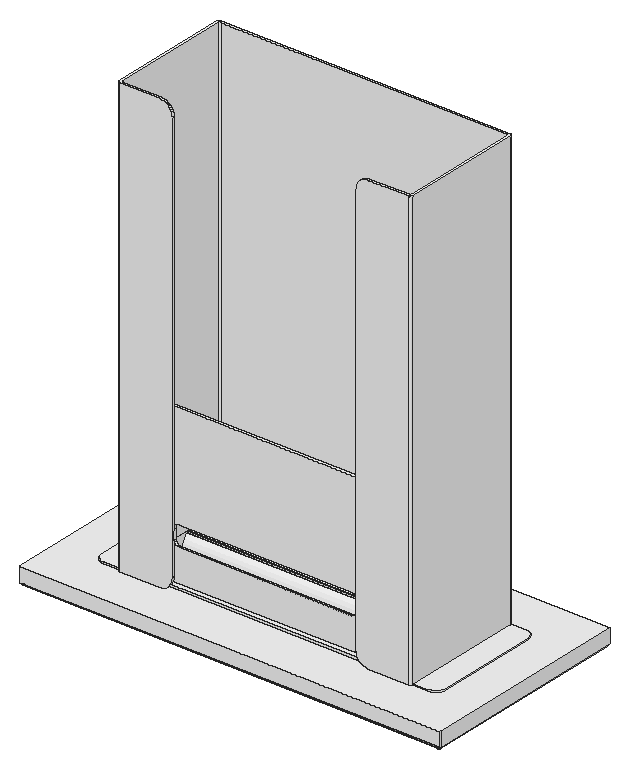
Revit family "NBS_DudleyIndustriesLimited_PprTwlDpnsrs_ModuloPaperTowelDispenser", category Generic Models, Revit 2017
Family settings
  Can host rebar = No
  Round Connector Dimension = Use Diameter
  Part Type = Normal
  Work Plane-Based = No
  Always vertical = Yes
  Cut with Voids When Loaded = No
  Shared = No
  Room Calculation Point = No
Parameters (values of type "ModuloPaperTowelDispenser")
  WarrantyStartDate [instance] = "1900-12-31T23:59:59"
  WarrantyGuarantorParts = "n/a"
  WarrantyGuarantorLabor = "n/a"
  WarrantyDurationUnit = "year"
  WarrantyDurationParts = "n/a"
  WarrantyDurationLabor = "n/a"
  WarrantyDescription = "10 years"
  Version = "1"  # constant formula
  Uniclass2015Version = "Products v1.12"
  Uniclass2015Title = "Paper towel dispensers"
  Uniclass2015Code = "Pr_40_70_22_62"
  TowelsWidth = "250mm Max"
  TowelsTowelType = "Z Fold"
  TagNumber [instance] = "n/a"
  SustainabilityPerformance = "n/a"
  Style = "Paper towel dispenser"
  Status = "New"
  Size = "388 x 320 x 193 mm"
  Shape = "n/a"
  SerialNumber [instance] = "n/a"
  SensorRange = "n/a"
  Revision = "n/a"
  ReplacementCost = "n/a"
  Reference = "n/a"
  ProductInformation = "n/a"
  PaperSleeveMaterial = NBS_Concept
  Operation = "Manual"
  NominalWidth = 0 mm  # constant formula
  NominalLength = 388 mm
  NominalHeight = 320 mm
  NominalDepth = 193 mm
  Name = "PaperTowelDispensers_ModuloPaperTowelDispenser_DudleyIndustriesLimited"
  NBSReference = "45-35-72/344"
  NBSDescription = "Paper towel dispensers"
  NBSCertification = "www.nationalbimlibrary.com/cert/j30njvog"
  ModelReference = "Modulo Paper Towel Dispenser"
  ModelNumber = "92378BK"
  MaterialsFinishAndColour = "Black"
  MaterialsBody = "Zinc coated mild steel"
  Material = "Stainless steel"
  ManufacturerURL = "https://www.dudleyindustries.com/"
  ManufacturerName = "Dudley Industries Limited"  # constant formula
  Manufacturer = "tina.bowden@dudleyindustries.com"
  MainColor = "n/a"
  Length = 383 mm  # constant formula
  IsBuiltIn = yes
  IntegralAccessories = "n/a"
  InstallationDate [instance] = "1900-12-31T23:59:59"
  IfcExportType = "NOTDEFINED"  # constant formula
  IfcExportAs = "IfcFurnitureType"  # constant formula
  HasBlankPlate = no
  Grade = "Zinc coated mild steel"
  Form = "Fits the modulo behind the mirror system"
  Finish = "Matte black powder coated"
  Features = "Fits the modulo behind the mirror system, provides a hygienic solution as user only touches the paper towel dispensed  no need to touch the unit helping to reduce cleaning requirements, consumables not accessible and kept free from contamination by lockable cabinet cover, quick and easy to refill, suitable for most multi-fold paper towels, spare consumables can be conveniently stored on the shelf within the cabinet, utilises a full modular cabinet space, blanking plates available separately if required"
  ExpectedLife = "10"
  DurationUnit = "year"
  Description = "Autocut Paper Towel Dispenser provides a hygienic hand drying solution"
  Depth = 193 mm  # constant formula
  Constituents = "n/a"
  Color = "Black"
  CodePerformance = "n/a"
  Category = "Pr_40_70_22_62:Paper towel dispensers"
  BlankPlate = NBS_Concept
  BarCode [instance] = "n/a"
  BIMObjectName = "NBS_DudleyIndustriesLimited_PaperTowelDispensers_ModuloPaperTowelDispenser"
  Author = "NBS"  # constant formula
  AssetType = "Fixed"
  AssetIdentifier [instance] = "n/a"
  AccessibilityPerformance = "n/a"
Reference planes
  plane 1 "Center (Front/Back)": y = 0
  plane 2 "Bottom": z = 0
  plane 3 "Center (Left/Right)": x = 0
  plane 4 "Back": y = 96.5
  plane 5 "Front": y = -96.5
  plane 6 "Left": x = -191.5
  plane 7 "Right": x = 191.5
  plane 8: z = 17
  plane 9: z = 4
  plane 10: z = 2
  plane 11: x = -133.5
  plane 12: x = 133.5
  plane 13: y = 57.5
  plane 14: y = -57.5
  plane 15 "Top": z = 415
  plane 16: y = -55.5
  plane 17: y = -53.5
  plane 18: z = 18
  plane 19: y = 18.438
  plane 20: y = -18.437
  plane 21: x = -131.5
  plane 22: x = 131.5
  plane 23: y = 55.5
  plane 24: y = 53.5
  plane 25: y = 20
Forms (mm)
  Extrusion 1, solid, material "NBS_Concept" <- "PaperSleeveMaterial", detail levels medium+fine
    sketch origin (0, 0, 0) x (1, 0, 0) y (0, 1, 0)
      loop
        line (-190.527, 96.5) -> (-190.527, 95.508) -> (-191.5, 95.508) -> (-191.5, -95.508) -> (-190.527, -95.508) -> (-190.527, -96.5) -> (190.527, -96.5) -> (190.527, -95.508) -> (191.5, -95.508) -> (191.5, 95.508) -> (190.527, 95.508) -> (190.527, 96.5) -> (-190.527, 96.5)
    from 4 to 17
  Blend 2, solid, material "NBS_Concept" <- "PaperSleeveMaterial", detail levels medium+fine
    base sketch origin (0, 0, 0) x (1, 0, 0) y (0, 1, 0)
      loop
        line (189.539, 96.5) -> (-189.539, 96.5) -> (-189.539, 94.492) -> (-191.5, 94.492) -> (-191.5, -94.492) -> (-189.539, -94.492) -> (-189.539, -96.5) -> (189.539, -96.5) -> (189.539, -94.492) -> (191.5, -94.492) -> (191.5, 94.492) -> (189.539, 94.492) -> (189.539, 96.5)
    top sketch origin (0, 0, 0) x (1, 0, 0) y (0, 1, 0)
      loop
        line (-189.539, 94.492) -> (-189.539, -94.492) -> (189.539, -94.492) -> (189.539, 94.492) -> (-189.539, 94.492)
    from 4 to 2
  Extrusion 3, solid, material "NBS_Concept" <- "PaperSleeveMaterial", detail levels medium+fine
    sketch origin (0, 0, 0) x (1, 0, 0) y (0, 1, 0)
      loop
        arc (-131.513, 57.5) -> (-132.918, 56.918) -> (-133.5, 55.513) r 1.987
        line (-133.5, 55.513) -> (-133.5, -55.513)
        arc (-133.5, -55.513) -> (-132.918, -56.918) -> (-131.513, -57.5) r 1.987
        line (-131.513, -57.5) -> (-83.5, -57.5) -> (-83.5, -55.5) -> (-129.528, -55.455)
        arc (-129.528, -55.455) -> (-130.848, -54.953) -> (-131.5, -53.7) r 1.986
        line (-131.5, -53.7) -> (-131.5, 53.744)
        arc (-131.5, 53.744) -> (-130.848, 54.997) -> (-129.528, 55.5) r 1.986
        line (-129.528, 55.5) -> (129.514, 55.5)
        arc (129.514, 55.5) -> (130.918, 54.918) -> (131.5, 53.514) r 1.986
        line (131.5, 53.514) -> (131.5, -53.47)
        arc (131.5, -53.47) -> (130.918, -54.874) -> (129.528, -55.5) r 1.986
        line (129.528, -55.5) -> (83.5, -55.5) -> (83.5, -57.5) -> (131.513, -57.5)
        arc (131.513, -57.5) -> (132.918, -56.918) -> (133.5, -55.513) r 1.987
        line (133.5, -55.513) -> (133.5, 55.513)
        arc (133.5, 55.513) -> (132.918, 56.918) -> (131.513, 57.5) r 1.987
        line (131.513, 57.5) -> (-131.513, 57.5)
    from 17 to 415
  Extrusion 4, solid, material "NBS_Concept" <- "PaperSleeveMaterial", detail levels medium+fine
    sketch origin (0, 0, 0) x (1, 0, 0) y (0, 0, 1)
      loop
        line (-131.5, 168) -> (-131.5, 24.999) -> (131.5, 24.999) -> (131.5, 168) -> (-131.5, 168)
      loop
        line (78.509, 72.999) -> (-78.5, 72.999)
        arc (-78.5, 72.999) -> (-82.036, 71.535) -> (-83.5, 67.999) r 5
        line (-83.5, 67.999) -> (-83.5, 59)
        arc (-83.5, 59) -> (-82.035, 55.464) -> (-78.5, 53.999) r 5
        line (-78.5, 53.999) -> (78.503, 53.999)
        arc (78.503, 53.999) -> (82.04, 55.464) -> (83.505, 59.001) r 5.002
        line (83.505, 59.001) -> (83.505, 68.003)
        arc (83.505, 68.003) -> (82.042, 71.536) -> (78.509, 72.999) r 4.995
    from 53.5 to 55.545
  Extrusion 5, solid, material "NBS_Concept" <- "PaperSleeveMaterial", detail levels medium+fine
    sketch origin (0, 0, 0) x (1, 0, 0) y (0, 1, 0)
      loop
        line (133.5, 55.513) -> (133.5, -55.513) -> (147.5, -55.513)
        arc (147.5, -55.513) -> (153.864, -52.877) -> (156.5, -46.513) r 9
        line (156.5, -46.513) -> (156.5, 46.513)
        arc (156.5, 46.513) -> (153.864, 52.877) -> (147.5, 55.513) r 9
        line (147.5, 55.513) -> (133.5, 55.513)
    from 17 to 18
  Extrusion 6, solid, material "NBS_Concept" <- "PaperSleeveMaterial", detail levels medium+fine
    sketch origin (0, 0, 0) x (-1, 0, 0) y (0, -1, 0)
      loop
        line (133.5, -55.513) -> (147.5, -55.513)
        arc (147.5, -55.513) -> (153.864, -52.877) -> (156.5, -46.513) r 9
        line (156.5, -46.513) -> (156.5, 46.513)
        arc (156.5, 46.513) -> (153.864, 52.877) -> (147.5, 55.513) r 9
        line (147.5, 55.513) -> (133.5, 55.513) -> (133.5, -55.513)
    from 17 to 18
  Extrusion 7, void, detail levels medium+fine
    sketch origin (0, 0, 0) x (1, 0, 0) y (0, 0, 1)
      loop
        line (-83.5, 403) -> (-83.5, 29)
        arc (-83.5, 29) -> (-87.015, 20.515) -> (-95.5, 17) r 12
        line (-95.5, 17) -> (95.5, 17)
        arc (95.5, 17) -> (87.015, 20.515) -> (83.5, 29) r 12
        line (83.5, 29) -> (83.5, 403)
        arc (83.5, 403) -> (87.015, 411.485) -> (95.5, 415) r 12
        line (95.5, 415) -> (-95.5, 415)
        arc (-95.5, 415) -> (-87.015, 411.485) -> (-83.5, 403) r 12
    from 55.545 to 57.5
  Extrusion 8, void, detail levels medium+fine
    sketch origin (0, 0, 0) x (1, 0, 0) y (0, 1, 0)
      loop
        line (-131.5, 18.437) -> (-131.5, -18.437) -> (131.513, -18.437) -> (131.513, 18.437) -> (-131.5, 18.437)
    from 0 to 250
  Extrusion 9, solid, material "NBS_Concept" <- "PaperSleeveMaterial", detail levels medium+fine
    sketch origin (0, 4, 0) x (0, 1, 0) y (0, 0, 1)
      loop
        arc (-16.437, 2) -> (-20.279, 13.336) -> (-30.221, 20) r 18.645
        line (-30.221, 20) -> (-57.5, 20) -> (-57.5, 18) -> (-30.494, 18)
        arc (-30.494, 18) -> (-21.789, 12.017) -> (-18.437, 2) r 16.645
        line (-18.437, 2) -> (-16.437, 2)
    from -131.5 to 131.5
  Extrusion 10, solid, material "NBS_Concept" <- "PaperSleeveMaterial", detail levels medium+fine
    sketch origin (0, -4, 0) x (0, -1, 0) y (0, 0, -1)
      loop
        line (-16.437, -2) -> (-18.437, -2)
        arc (-18.437, -2) -> (-21.789, -12.017) -> (-30.494, -18) r 16.645
        line (-30.494, -18) -> (-57.5, -18) -> (-57.5, -20) -> (-30.221, -20)
        arc (-30.221, -20) -> (-20.279, -13.336) -> (-16.437, -2) r 18.645
    from -131.5 to 131.5
  Extrusion 11, solid, material "NBS_Concept" <- "BlankPlate", visible <- "HasBlankPlate"
    sketch origin (0, 0, 0) x (1, 0, 0) y (0, 0, 1)
      loop
        line (-191.5, 17) -> (-191.5, 0) -> (191.5, 0) -> (191.5, 17) -> (-191.5, 17)
    from -96.5 to 96.5
  Extrusion 12, solid, material "NBS_Concept" <- "PaperSleeveMaterial", detail levels coarse
    sketch origin (0, 0, 0) x (1, 0, 0) y (0, 1, 0)
      loop
        line (-191.5, 96.5) -> (-191.5, -96.5) -> (191.5, -96.5) -> (191.5, 96.5) -> (-191.5, 96.5)
    from 0 to 18
  Extrusion 13, solid, material "NBS_Concept" <- "PaperSleeveMaterial", detail levels coarse
    sketch origin (0, 0, 0) x (1, 0, 0) y (0, 1, 0)
      loop
        line (-133.5, 57.5) -> (-133.5, -57.5) -> (133.5, -57.5) -> (133.5, 57.5) -> (-133.5, 57.5)
    from 18 to 415
Cuts and joins
  Extrusion 7, Extrusion 8 cuts Extrusion 1
  Extrusion 7, Extrusion 8 cuts Extrusion 3
  Extrusion 8 cuts Blend 2
Dimensions and locks
  equal spacing: plane 6 "Left", plane 3 "Center (Left/Right)", plane 7 "Right"
  "Length": plane 6 "Left" to plane 7 "Right"
  equal spacing: plane 4 "Back", plane 1 "Center (Front/Back)", plane 5 "Front"
  "Depth": plane 4 "Back" to plane 5 "Front"
  equal spacing: plane 19, plane 1 "Center (Front/Back)", plane 20  (x2)
  plane 19 to plane 20 = 36.875 mm
  equal spacing: plane 13, plane 1 "Center (Front/Back)", plane 14
  equal spacing: plane 11, plane 3 "Center (Left/Right)", plane 12
  locked: plane 6 "Left" to plane 11 at 58
  plane 12 to plane 7 "Right" = 58 mm
  locked: plane 11 to plane 21 at 2
  locked: plane 22 to plane 12 at 2
  plane 5 "Front" to plane 14 = 39 mm
  locked: plane 4 "Back" to plane 13 at 39
  locked: plane 14 to plane 16 at 2
  locked: plane 16 to plane 17 at 2
  plane 5 "Front" to plane 17 = 43 mm
  locked: plane 23 to plane 24 at 2
  aligned and locked: level to plane 2 "Bottom"
  aligned and locked: plane 8 to Extrusion 1
  aligned and locked: Extrusion 1 to plane 9
  aligned and locked: plane 9 to Blend 2
  aligned and locked: Blend 2 to plane 10
  aligned and locked: plane 15 "Top" to Extrusion 3
  aligned and locked: Extrusion 3 to plane 8
  aligned and locked: plane 18 to Extrusion 5
  aligned and locked: plane 18 to Extrusion 6
  aligned and locked: plane 4 "Back" to cut or joined group of Extrusion 1, Extrusion 7, Extrusion 8
  aligned and locked: cut or joined group of Extrusion 1, Extrusion 7, Extrusion 8 to plane 6 "Left"
  aligned and locked: plane 5 "Front" to cut or joined group of Extrusion 1, Extrusion 7, Extrusion 8
  aligned and locked: cut or joined group of Extrusion 3, Extrusion 7, Extrusion 8 to plane 11
  aligned and locked: plane 12 to cut or joined group of Extrusion 3, Extrusion 7, Extrusion 8
  aligned and locked: plane 7 "Right" to cut or joined group of Extrusion 1, Extrusion 7, Extrusion 8
  aligned and locked: plane 13 to cut or joined group of Extrusion 3, Extrusion 7, Extrusion 8
  aligned and locked: plane 14 to cut or joined group of Extrusion 3, Extrusion 7, Extrusion 8  (x2)
  aligned and locked: cut or joined group of Extrusion 3, Extrusion 7, Extrusion 8 to plane 16  (x2)
  aligned and locked: cut or joined group of Extrusion 3, Extrusion 7, Extrusion 8 to plane 22
  aligned and locked: plane 22 to Extrusion 9
  aligned and locked: plane 22 to Extrusion 10
  aligned and locked: Extrusion 9 to plane 21
  aligned and locked: Extrusion 10 to plane 21
  aligned and locked: plane 21 to cut or joined group of Extrusion 3, Extrusion 7, Extrusion 8
  aligned and locked: cut or joined group of Extrusion 3, Extrusion 7, Extrusion 8 to plane 23
  aligned and locked: plane 24 to Extrusion 10
  aligned and locked: Extrusion 11 sketch curve to cut or joined group of Extrusion 1, Extrusion 7, Extrusion 8  (x2)
  aligned and locked: plane 2 "Bottom" to Extrusion 11 sketch curve
  aligned and locked: Extrusion 11 sketch curve to plane 7 "Right"
  aligned and locked: plane 4 "Back" to Extrusion 11
  aligned and locked: plane 5 "Front" to Extrusion 11
  aligned and locked: Extrusion 12 sketch curve to plane 5 "Front"
  aligned and locked: Extrusion 12 sketch curve to plane 4 "Back"
  aligned and locked: Extrusion 12 sketch curve to plane 7 "Right"
  aligned and locked: plane 6 "Left" to Extrusion 12 sketch curve
  aligned and locked: Extrusion 12 to level
  aligned and locked: plane 18 to Extrusion 12
  aligned and locked: Extrusion 13 sketch curve to plane 13
  aligned and locked: plane 11 to Extrusion 13 sketch curve
  aligned and locked: Extrusion 13 sketch curve to plane 14
  aligned and locked: Extrusion 13 sketch curve to plane 12
  aligned and locked: plane 15 "Top" to Extrusion 13
  aligned and locked: Extrusion 13 to plane 18
Automatic sketch dimensions
  Extrusion 1 sketch curve to plane 6 "Left" = 0 mm
  plane 5 "Front" to Extrusion 1 sketch curve = 0 mm
  Extrusion 1 sketch curve to plane 4 "Back" = 0 mm
  Extrusion 1 sketch curve to plane 7 "Right" = 0 mm
  plane 6 "Left" to Extrusion 1 sketch curve = 0.973 mm  (x2)
  Extrusion 1 sketch curve to Extrusion 1 sketch curve = 0.973 mm  (x2)
  Extrusion 1 sketch curve to plane 5 "Front" = 0.992 mm
  Extrusion 1 sketch curve to Extrusion 1 sketch curve = 0.992 mm  (x2)
  Extrusion 1 sketch curve to plane 4 "Back" = 0.992 mm
  Blend 2 sketch curve to plane 6 "Left" = 0 mm
  Blend 2 sketch curve to plane 4 "Back" = 0 mm
  plane 5 "Front" to Blend 2 sketch curve = 0 mm
  Blend 2 sketch curve to plane 7 "Right" = 0 mm
  plane 6 "Left" to Blend 2 sketch curve = 1.961 mm  (x3)
  Blend 2 sketch curve to plane 7 "Right" = 1.961 mm  (x3)
  Blend 2 sketch curve to Blend 2 sketch curve = 2.008 mm
  Blend 2 sketch curve to plane 5 "Front" = 2.008 mm  (x2)
  Blend 2 sketch curve to plane 4 "Back" = 2.008 mm  (x3)
  Extrusion 3 sketch curve to plane 11 = 0 mm
  Extrusion 3 sketch curve to plane 13 = 0 mm
  plane 14 to Extrusion 3 sketch curve = 0 mm  (x2)
  Extrusion 3 sketch curve to plane 21 = 0 mm
  plane 16 to Extrusion 3 sketch curve = 0 mm  (x2)
  Extrusion 3 sketch curve to plane 22 = 0 mm
  Extrusion 3 sketch curve to plane 12 = 0 mm
  Extrusion 3 sketch curve to plane 21 = 0.013 mm  (x2)
  plane 24 to Extrusion 3 sketch curve = 0.014 mm  (x2)
  plane 21 to Extrusion 3 sketch curve = 1.972 mm  (x2)
  Extrusion 3 sketch curve to plane 17 = 0.03 mm  (x2)
  Extrusion 3 sketch curve to Extrusion 3 sketch curve = 46.028 mm
  Extrusion 3 sketch curve to plane 22 = 48 mm
  Extrusion 3 sketch curve to plane 22 = 1.986 mm
  Extrusion 3 sketch curve to Extrusion 3 sketch curve = 1.986 mm
  plane 22 to Extrusion 3 sketch curve = 0.013 mm  (x2)
  plane 17 to Extrusion 3 sketch curve = 0.2 mm
  Extrusion 3 sketch curve to Extrusion 3 sketch curve = 0 mm
  Extrusion 3 sketch curve to Extrusion 3 sketch curve = 0.013 mm
  Extrusion 4 sketch curve to plane 21 = 0 mm
  Extrusion 4 sketch curve to plane 22 = 0 mm
  plane 21 to Extrusion 4 sketch curve = 48 mm
  Extrusion 4 sketch curve to Extrusion 4 sketch curve = 5 mm  (x2)
  Extrusion 4 sketch curve to plane 22 = 52.997 mm
  Extrusion 4 sketch curve to Extrusion 4 sketch curve = 0.006 mm
  Extrusion 4 sketch curve to Extrusion 4 sketch curve = 4.995 mm
  plane 18 to Extrusion 4 sketch curve = 6.999 mm
  plane 18 to Extrusion 4 sketch curve = 35.999 mm
  Extrusion 4 sketch curve to Extrusion 4 sketch curve = 9 mm
  Extrusion 4 sketch curve to Extrusion 4 sketch curve = 95.001 mm
  Extrusion 5 sketch curve to plane 12 = 0 mm
  Extrusion 5 sketch curve to plane 17 = 6.987 mm
  plane 12 to Extrusion 5 sketch curve = 14 mm  (x2)
  plane 23 to Extrusion 5 sketch curve = 0.013 mm
  Extrusion 5 sketch curve to plane 24 = 6.987 mm
  Extrusion 6 sketch curve to plane 11 = 0 mm
  plane 17 to Extrusion 6 sketch curve = 6.987 mm
  plane 11 to Extrusion 6 sketch curve = 14 mm
  Extrusion 6 sketch curve to plane 23 = 0.013 mm
  Extrusion 6 sketch curve to Extrusion 6 sketch curve = 14 mm
  plane 24 to Extrusion 6 sketch curve = 6.987 mm
  Extrusion 7 sketch curve to plane 8 = 0 mm  (x3)
  Extrusion 7 sketch curve to plane 15 "Top" = 0 mm  (x2)
  Extrusion 7 sketch curve to plane 15 "Top" = 12 mm  (x2)
  plane 21 to Extrusion 7 sketch curve = 36 mm
  plane 18 to Extrusion 7 sketch curve = 11 mm  (x2)
  Extrusion 7 sketch curve to plane 22 = 48 mm
  Extrusion 7 sketch curve to Extrusion 7 sketch curve = 0 mm  (x3)
  Extrusion 8 sketch curve to plane 20 = 0 mm
  Extrusion 8 sketch curve to plane 21 = 0 mm
  Extrusion 8 sketch curve to plane 19 = 0 mm
  plane 22 to Extrusion 8 sketch curve = 0.013 mm
  Extrusion 9 sketch curve to Extrusion 9 sketch curve = 0 mm  (x2)
  Extrusion 9 sketch curve to plane 17 = 0 mm
  Extrusion 9 sketch curve to plane 10 = 0 mm
  Extrusion 9 sketch curve to plane 18 = 0 mm
  Extrusion 9 sketch curve to plane 20 = 12.645 mm
  Extrusion 9 sketch curve to plane 20 = 8.057 mm
  Extrusion 9 sketch curve to Extrusion 9 sketch curve = 0.273 mm
  Extrusion 9 sketch curve to Extrusion 9 sketch curve = 2 mm
  Extrusion 10 sketch curve to Extrusion 10 sketch curve = 0 mm  (x2)
  Extrusion 10 sketch curve to plane 24 = 0 mm
  Extrusion 10 sketch curve to plane 10 = 0 mm
  Extrusion 10 sketch curve to plane 18 = 0 mm
  Extrusion 10 sketch curve to plane 19 = 12.645 mm
  Extrusion 10 sketch curve to plane 19 = 8.057 mm
  Extrusion 10 sketch curve to Extrusion 10 sketch curve = 0.273 mm
  Extrusion 10 sketch curve to Extrusion 10 sketch curve = 2 mm
